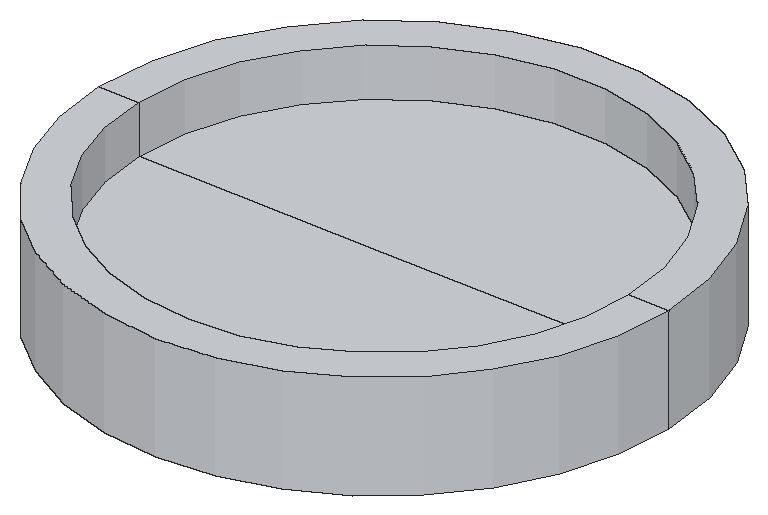
Revit family "Alcon-12182-S-5-Revit-Family", category Lighting Fixtures, host Ceiling, Revit 2021
Family settings
  Host = Ceiling
  Round Connector Dimension = Use Diameter
  Part Type = Normal
  Always vertical = Yes
  Cut with Voids When Loaded = No
  Light Source = Yes
  Shared = No
  Room Calculation Point = No
Parameters
  Wattage = 9.2903 W
  built-in parameter 1150110 = 1 (stored number, unit not read)
  built-in parameter 1114217 = 1 (stored number, unit not read)
  built-in parameter 1150109 = 1 (stored number, unit not read)
  built-in parameter 1150134 = 3
  built-in parameter 1150113 = 1 (stored number, unit not read)
  Product Identity = "Alcon Lighting 12182-S-5"
  Manufacturer = "Alcon Light"
  built-in parameter 1150105 = 439.27 (stored number, unit not read)
  Lumens = 1380 lm
  built-in parameter 1150115 = 1 (stored number, unit not read)
  Link To Product Page = "https://www.alconlighting.com/12182-s-5-disk-round-surface.html"
  Light Source Symbol Size = 0' - 5"
  built-in parameter 1150137 = (empty or 0)
  built-in parameter 1150139 = (empty or 0)
  Lens = none
  built-in parameter 1150112 = 1 (stored number, unit not read)
  built-in parameter 1150114 = 1 (stored number, unit not read)
  built-in parameter 1150132 = (empty or 0)
  built-in parameter 1150102 = (empty or 0)
  built-in parameter 1150107 = 3200 (stored number, unit not read)
  built-in parameter 1150138 = (empty or 0)
  built-in parameter 1150106 = 4.3927 (stored number, unit not read)
  Housing = none
  Emit from Circle Diameter = 0' - 5"
  Emit Shape Visible in Rendering = no
  built-in parameter 1150104 = 13.8 (stored number, unit not read)
  Dimming Lamp Color Temperature Shift = (empty or 0)
  Default Elevation = 0' - 0"
  Color Filter = 16777215
  built-in parameter 1114218 = 1 (stored number, unit not read)
  built-in parameter 1150133 = 10 (stored number, unit not read)
Reference planes (in)
  plane 1 "Center (Front/Back)": y = 0
  plane 2 "Ceiling": z = 96
  plane 3 "Center (Left/Right)": x = 0
Forms (in)
  Revolve 1, solid, material <- "Lens"
    sketch origin (0, 0, 0) x (1, 0, 0) y (0, 0, 1)
      loop
        line (0, 95.54687) -> (0, 95.04688) -> (2.31441, 95.04688) -> (2.31441, 95.54687) -> (0, 95.54687)
      axis (0, 95.04688) -> (0, 95.54687)
    angle from 0 to 360
  Revolve 2, solid, material <- "Housing"
    sketch origin (0, 0, 0) x (1, 0, 0) y (0, 0, 1)
      loop
        line (2.6875, 96) -> (2.31441, 96) -> (2.31441, 95) -> (2.6875, 95) -> (2.6875, 96)
      axis (0, 95) -> (0, 96)
    angle from 0 to 360
Dimensions and locks (in)
  equal spacing: host sketch curve, plane 3 "Center (Left/Right)", host sketch curve
  equal spacing: host sketch curve, plane 1 "Center (Front/Back)", host sketch curve
  host sketch curve to host sketch curve = 10' - 0"  (x2)
